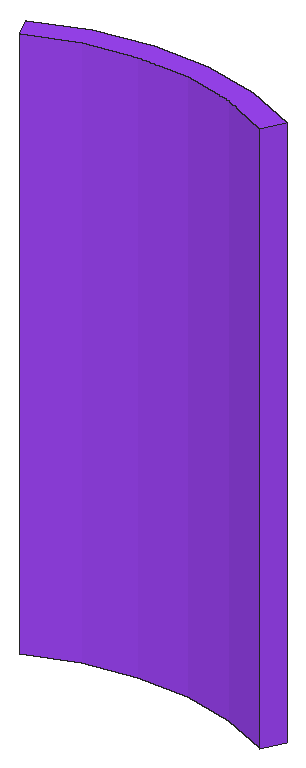
Revit family "EXP_WT-1C_CPan-005", category Curtain Panels, Revit 2021
Family settings
  OmniClass Number = 23.25.20.14.11.11.17
  OmniClass Title = Infill Panels
  Always vertical = Yes
  Cut with Voids When Loaded = Yes
  Shared = No
Parameters (values of type "R = 10'  6"")
  UI-UnitNumber [instance] = "001"
  UI-Quadrant [instance] = "SE"
  UI-ProjectAbbreviation = "NEU"
  UI-ItemCategory = "PID"
  UI-FloorNumber [instance] = "03"
  PNT-WallType = "WT1C"
  PNT-ProjectAbbreviation = "NEU"
  PNT-PanelType [instance] = "01"
  PNT-ItemCategory = "PNL"
  GlassH1 [instance] = MP-C(Glass)
  Description = "Curve"
  Define Thermal Properties by = Schematic Type
  CellSp = 0' - 10 3/16"
  CellRayIN [instance] = CellRayEX - CellSp  # 9' - 7 13/16"
  CellRayEX = 10' - 6"
  CellLArch [instance] = 10' - 2.92782"
  CellH1 [instance] = CellH  # 20' - 11"
  CellH [instance] = 20' - 11"
  Analytic Construction = "<None>"
Types (2): name | CellRayIN | CellRayEX | CellLArch
  R = 10'  6" | 9' - 7 13/16" | 10' - 6" | 10' - 2.92782"
  R = 18'  0" | 17' - 1 13/16" | 18' - 0" | 9' - 11.6335"
Reference planes (in)
  plane 1 "Center (Front/Back)": y = 0
  plane 2: z = 0
  plane 3 "Center (Left/Right)": x = 0
  plane 4 "Left": x = -59.05512
  plane 5 "Right": x = 59.05512
  plane 6 "Top": z = 251
Forms (in)
  Extrusion 1, solid, material "MP-C(Glass)" <- "GlassH1"
    sketch origin (0, 0, 0) x (1, 0, 0) y (0, 1, 0)
      loop
        line (-59.05512, 0) -> (-54.28032, -8.99925)
        arc (-54.28032, -8.99925) -> (0, 4.50889) -> (54.28032, -8.99925) r 115.8125
        line (54.28032, -8.99925) -> (59.05512, 0)
        arc (59.05512, 0) -> (0, 14.69639) -> (-59.05512, 0) r 126
    from 0 to 251
Lines and regions (in)
  reference lines
    curve 1: line (59.05512, 0, 0) -> (0, -111.30361, 0)
    curve 2: line (-59.05512, 0, 0) -> (0, -111.30361, 0)
    curve 3: line (59.05512, 0, 0) -> (35.40606, 12.54764, 0)
    curve 4: line (-59.05512, 0, 0) -> (-33.31938, 13.65479, 0)
  model lines
    curve 5: arc (-59.05512, 0, 0) -> (0, 14.69639, 0) -> (59.05512, 0, 0) r 126
    curve 6: line (-59.05512, 0, 0) -> (-54.28032, -8.99925, 0)
    curve 7: line (59.05512, 0, 0) -> (54.28032, -8.99925, 0)
    curve 8: arc (54.28032, -8.99925, 0) -> (0, 4.50889, 0) -> (-54.28032, -8.99925, 0) r 115.8125
Text (in)
  text "Exterior" at (-92.59733, 55.75508, 0), in view "Ref. Level"
  text "Exterior" at (0, 90.18664, 173.49264), in view "Left"
  text "Exterior" at (0, 52.29083, 162.21847), in view "Right"
Dimensions and locks (in)
  equal spacing: plane 4 "Left", plane 3 "Center (Left/Right)", plane 5 "Right"
  "CellRayEX": curve 2 to curve 2
  "CellRayEX": curve 2 to curve 1
  "CellSp": curve 6 to curve 6
  "CellSp": curve 7 to curve 7
  "CellH": plane 2 to plane 6 "Top"
  "CellRayEX": radius of curve 5
  locked: curve 2 to curve 4 (angle 90.00°)
  locked: curve 3 to curve 1 (angle 90.00°)
  "CellLArch": arc length of Extrusion 1  (x2)
  aligned and locked: level to plane 2
  aligned and locked: curve 6 to curve 2
  aligned and locked: curve 7 to curve 1
  aligned and locked: Extrusion 1 sketch curve to curve 5
  aligned and locked: Extrusion 1 sketch curve to curve 8
  aligned and locked: Extrusion 1 sketch curve to curve 7
  aligned and locked: Extrusion 1 sketch curve to curve 6
  aligned and locked: Extrusion 1 to level
  aligned and locked: Extrusion 1 to plane 6 "Top"
Automatic sketch dimensions
  curve 5 to curve 8 = 0' - 0"
  plane 1 "Center (Front/Back)" to curve 5 = 0' - 0"
  curve 8 to plane 3 "Center (Left/Right)" = 0' - 0"
  plane 1 "Center (Front/Back)" to curve 4 = 0' - 0"
  curve 4 to plane 4 "Left" = 0' - 0"
  curve 2 to plane 3 "Center (Left/Right)" = 0' - 0"
  plane 1 "Center (Front/Back)" to curve 3 = 0' - 0"
